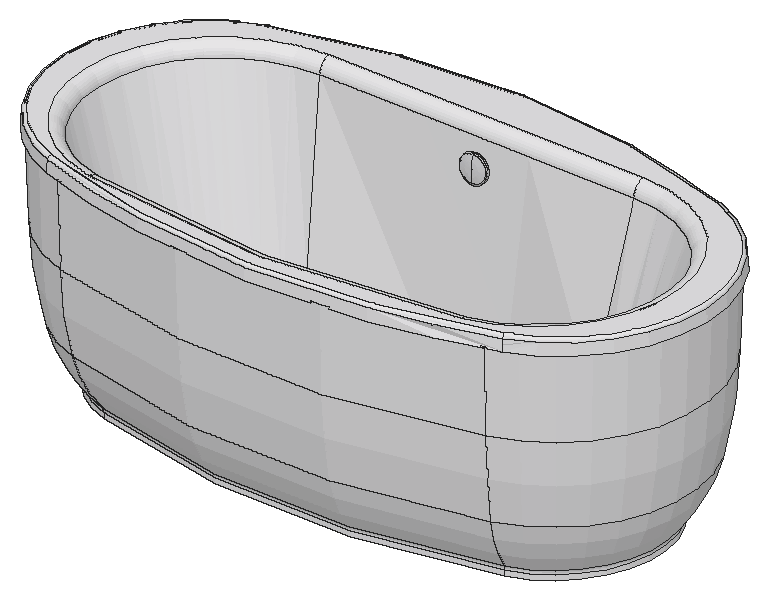
Revit family "Bath-Freestanding-KOHLER-Sunstruck-K-6369", category Plumbing Fixtures, host Face, Revit 2015
Parameters (values of type "0-White")
  Width = 35 1/2"  # constant formula
  Waste Water Outlet = "Waste Water Outlet"  # constant formula
  Waste Connection = 1 = 1  # yes
  Vent Connection = 1 = 0  # no
  URL = "https://www.us.kohler.com/us/"
  Type = 1
  Product Page URL = "http://www.us.kohler.com/us/catalog/productDetails.jsp?productNumber=6369"
  Product Name = "Sunstruck"  # constant formula
  Product Documentation Link = "http://www.us.kohler.com/onlinecatalog/pdf/K-6369_spec.pdf"
  Model = if(Type = 1, "K-6369-0", if(Type = 2, "K-6369-96", "NA"))  # "K-6369-0"
  Material = "Acrylic"  # constant formula
  MasterFormat 2004 = "22.41.19"  # constant formula
  MasterFormat 1995 = "15410"  # constant formula
  Manufacturer Address = "444 Highland Dr, Kohler, WI 53044"  # constant formula
  Manufacturer = "KOHLER Co."  # constant formula
  Length = 65 1/2"  # constant formula
  Hot Water Inlet = "Hot Water Inlet"  # constant formula
  Height = 24 1/2"  # constant formula
  HW Connection = 1 = 0  # no
  Finish = Kohler-Acrylic-0-White
  Environmental Product Declaration = ""
  Drain Included = 1 = 0  # no
  Description = "66inch x 36inch oval freestanding bath with fluted shroud and center drain"  # constant formula
  Default Elevation = 0"
  Declare Label = ""
  Date Modified = "12/18/2018"  # constant formula
  Date Created = "12/18/2018"  # constant formula
  Copyright = "Copyright KOHLER Co."  # constant formula
  Contact Us = "https://www.us.kohler.com/us/static/contact.jsp"
  Cold Water Inlet = "Cold Water Inlet"  # constant formula
  CW Connection = 1 = 0  # no
  Assembly Code = "D2010500"
  ADA Compliant = 1 = 0  # no
Types (3): name | Type | Model | Finish
  (no name) | 1 | "K-6369-0" | Kohler-Acrylic-0-White
  0-White | 1 | "K-6369-0" | Kohler-Acrylic-0-White
  96-Biscuit | 2 | "K-6369-96" | Kohler-Acrylic-96-Biscuit
Reference planes (in)
  plane 1 "Center (Front/Back)": y = 0
  plane 2: z = 0
  plane 3 "Center (Left/Right)": x = 0
  plane 4: y = 17.75
  plane 5: y = -17.75
  plane 6: x = -32.75
  plane 7: x = 32.75
  plane 8: y = 11.6875
  plane 9: y = -1.75
  plane 10: z = 24.5
Dimensions and locks (in)
  "Length": plane 6 to plane 7
  "Width": plane 5 to plane 4
  plane 8 to plane 4 = 6 1/16"
  plane 9 to plane 4 = 19 1/2"
  "Height": plane 10 to plane 2
  aligned and locked: plane 2 to host face
  aligned and locked: level to host face
Automatic sketch dimensions
  host sketch curve to host sketch curve = 96"  (x2)
Nested families (in)
  nested 1: "K-6369" at (0, 0, 0), type "K-6369"
Connectors (in)
  piping at (0, -1.75, 2.16901), diameter 1.5, driven by "Waste Connection", driven by "Waste Water Outlet"
    settings: on nested 1, index 1, connector inside diameter 24", connector length 0", flow factor 0, pipe flow 0 GPM, pressure drop 0.00 psi, fitting loss kfactor 0, connector angle 0.00°, fixture units 0, engagement length 0", angle of deflection 0.00°, flow configuration 0, flow direction 2, fitting loss method 0, system type 16, joint type 0, gender type 0, connector reference index -1, connector utility 1, adjustable connector no, is connector primary yes, connector description "Waste Water Outlet"
Definition of nested family "K-6369"
  Parameters (values of type "K-6369")
    Material = none
    Drain material = none
  Reference planes (in)
    plane 1 "Center (Front/Back)": y = 0
    plane 2: z = 0
    plane 3 "Center (Left/Right)": x = 0
    plane 4: x = 32.75
    plane 5: z = 24.5
    plane 6 "A": x = -6.48092
    plane 7: z = 24.5
    plane 8: x = -32.75
    plane 9: y = 17.75
    plane 10: y = -17.75
    plane 11: y = 11.6875
    plane 12: y = -1.75
  Forms (in)
    Sweep 1, solid, material <- "Material", detail levels medium+fine
      path origin (0, -0.04277, 0) x (1, 0, 0) y (0, 1, 0)
        loop
          arc (21.72661, -14.69696) -> (32.60257, 0.04277) -> (21.72661, 14.78251) r 15.42605
          arc (21.72661, 14.78251) -> (-0.02801, 18.06389) -> (-21.78263, 14.78251) r 73.75415
          arc (-21.78263, 14.78251) -> (-32.6586, 0.04277) -> (-21.78263, -14.69696) r 15.42605
          arc (-21.78263, -14.69696) -> (-0.02801, -17.97834) -> (21.72661, -14.69696) r 73.75415
      profile origin (-0.02801, -18.02111, 0) x (0, -1, 0) y (0, 0, 1)
        loop
          line (-0.4345, 23.13802) -> (-0.93475, 23.13802) -> (-1.19445, 14.90118)
          arc (-1.19445, 14.90118) -> (-1.54469, 10.74957) -> (-2.32929, 6.65776) r 39.58955
          arc (-2.32929, 6.65776) -> (-3.33144, 3.94972) -> (-4.91176, 1.53304) r 12.87836
          arc (-4.91176, 1.53304) -> (-5.131, 1.14887) -> (-5.20709, 0.71314) r 1.28578
          line (-5.20709, 0.71314) -> (-5.20709, 0) -> (-4.88474, 0) -> (-4.88474, 0.51602)
          arc (-4.88474, 0.51602) -> (-4.83773, 0.77736) -> (-4.7026, 1.00595) r 0.75
          arc (-4.7026, 1.00595) -> (-2.9469, 3.60328) -> (-1.84387, 6.53789) r 13.37836
          arc (-1.84387, 6.53789) -> (-1.04936, 10.68138) -> (-0.6947, 14.88542) r 40.08955
          line (-0.6947, 14.88542) -> (-0.4345, 23.13802)
    Sweep 2, solid, material <- "Material", detail levels medium+fine
      path origin (0, -0.31152, 0) x (1, 0, 0) y (0, 1, 0)
        loop
          arc (-23.11404, -13.59407) -> (0, -17.43849) -> (23.11404, -13.59407) r 71.40724
          arc (23.11404, -13.59407) -> (32.75, 0.31152) -> (23.11404, 14.21712) r 14.85153
          arc (23.11404, 14.21712) -> (0, 18.06154) -> (-23.11404, 14.21712) r 71.40724
          arc (-23.11404, 14.21712) -> (-32.75, 0.31152) -> (-23.11404, -13.59407) r 14.85153
      profile origin (0, -17.75002, 0) x (0, 1, 0) y (0, 0, 1)
        loop
          line (0.00002, 23.01054) -> (0.11383, 23.01054) -> (0.2108, 24.11893)
          arc (0.2108, 24.11893) -> (0.29095, 24.28146) -> (0.45985, 24.34714) r 0.25
          line (0.45985, 24.34714) -> (0.61532, 24.34714) -> (0.61532, 24.5) -> (0.45098, 24.5)
          arc (0.45098, 24.5) -> (0.21457, 24.40807) -> (0.10238, 24.18057) r 0.34993
          line (0.10238, 24.18057) -> (0.00002, 23.01054)
    Sweep 3, solid, material <- "Material", detail levels medium+fine
      path origin (-0.65125, 0.37045, 0) x (1, 0, 0) y (0, 1, 0)
        loop
          arc (-13.80583, -12.20259) -> (0.30466, -13.64071) -> (14.40809, -12.13485) r 68.33389
          arc (14.40809, -12.13485) -> (22.61849, -2.05633) -> (14.545, 8.13219) r 10.37734
          arc (14.545, 8.13219) -> (0.24308, 9.71884) -> (-14.04948, 8.05002) r 63.60432
          arc (-14.04948, 8.05002) -> (-22.05987, -2.17412) -> (-13.80583, -12.20259) r 10.37154
      profile origin (-0.34659, -13.27026, 0) x (-0.002401, 0.999997, 0) y (0, 0, 1)
        loop
          line (-0.24, 6.51001) -> (-0.57074, 6.51001)
          arc (-0.57074, 6.51001) -> (0.5314, 4.46811) -> (2.71442, 3.68166) r 3.25
          line (2.71442, 3.68166) -> (3.01867, 3.68166) -> (3.01867, 4.03096) -> (2.71442, 4.03096)
          arc (2.71442, 4.03096) -> (0.78606, 4.73282) -> (-0.24, 6.51001) r 3
    Revolve 4, solid, material <- "Drain material", detail levels medium+fine
      sketch origin (0, -1.53027, -0.00106) x (0, 1, 0) y (0, 0, 1)
        loop
          line (13.43649, 20.42625) -> (12.55971, 20.48756)
          arc (12.55971, 20.48756) -> (12.54804, 19.82068) -> (12.6107, 19.15665) r 5.98011
          arc (12.6107, 19.15665) -> (12.6367, 19.1057) -> (12.68808, 19.08057) r 0.09037
          line (12.68808, 19.08057) -> (13.2483, 19.00565) -> (13.25711, 19.11625)
          arc (13.25711, 19.11625) -> (13.26951, 19.14061) -> (13.2958, 19.14811) r 0.03422
          line (13.2958, 19.14811) -> (13.34664, 19.14131) -> (13.43649, 20.42625)
        axis (12.55971, 20.48756) -> (13.43649, 20.42625)
      angle from 0 to 360
    Revolve 5, solid, material <- "Material", detail levels medium+fine
      sketch origin (0, 0, 0.0625) x (0, 1, 0) y (0, 0, 1)
        loop
          line (-1.75, 3.61916) -> (-1.75, 2.10651) -> (-1, 2.10651) -> (-1, 1.93586) -> (-0.80456, 1.93586) -> (-0.80456, 3.18586) -> (-0.44439, 3.18586)
          arc (-0.44439, 3.18586) -> (-0.27573, 3.2194) -> (-0.13275, 3.31494) r 0.44072
          line (-0.13275, 3.31494) -> (0.09371, 3.5414)
          arc (0.09371, 3.5414) -> (0.17783, 3.59812) -> (0.27708, 3.61916) r 0.2656
          line (0.27708, 3.61916) -> (-1.75, 3.61916)
        axis (-1.75, 3.61916) -> (-1.75, 1.93586)
      angle from 0 to 360
    Sweep 6, solid, material <- "Material", detail levels medium+fine
      path origin (0, 0, 0) x (1, 0, 0) y (0, 1, 0)
        loop
          arc (-15.91994, 11.6875) -> (-28.29768, 0.47984) -> (-18.37017, -12.94642) r 12.43882
          arc (-18.37017, -12.94642) -> (0.12996, -14.68833) -> (18.58936, -12.55759) r 89.15619
          arc (18.58936, -12.55759) -> (28.11574, 0.76078) -> (15.91994, 11.6875) r 12.2695
          line (15.91994, 11.6875) -> (-15.91994, 11.6875)
      profile origin (0, 11.6875, 0) x (0, 1, 0) y (0, 0, 1)
        loop
          line (0.003, 23.24357) -> (0.33352, 23.24357)
          arc (0.33352, 23.24357) -> (0.68246, 24.02627) -> (1.47708, 24.34717) r 1.14428
          line (1.47708, 24.34717) -> (1.56336, 24.34717) -> (1.56336, 24.5) -> (1.27278, 24.5)
          arc (1.27278, 24.5) -> (0.37961, 24.1328) -> (0.003, 23.24357) r 1.26985
    Revolve 7, solid, material <- "Drain material", detail levels medium+fine
      sketch origin (0, 0, 0) x (0, 1, 0) y (0, 0, 1)
        loop
          line (-1.75, 4.26235) -> (-1.75, 3.6439) -> (-0.38603, 3.6439) -> (0.06408, 4.04918)
          arc (0.06408, 4.04918) -> (0.07462, 4.09307) -> (0.03742, 4.11864) r 0.03984
          line (0.03742, 4.11864) -> (-0.18329, 4.11864)
          arc (-0.18329, 4.11864) -> (-0.24703, 4.10596) -> (-0.30106, 4.06985) r 0.16655
          line (-0.30106, 4.06985) -> (-0.40243, 3.96848)
          arc (-0.40243, 3.96848) -> (-0.45783, 3.93146) -> (-0.52319, 3.91846) r 0.17077
          line (-0.52319, 3.91846) -> (-1.20094, 3.91846) -> (-1.20094, 4.0675) -> (-0.40256, 4.0675)
          arc (-0.40256, 4.0675) -> (-0.37983, 4.07691) -> (-0.37042, 4.09963) r 0.03214
          line (-0.37042, 4.09963) -> (-0.37042, 4.14469)
          arc (-0.37042, 4.14469) -> (-0.37787, 4.16436) -> (-0.39647, 4.17416) r 0.02969
          arc (-0.39647, 4.17416) -> (-1.07196, 4.23785) -> (-1.75, 4.26235) r 11.72048
        axis (-1.75, 4.26235) -> (-1.75, 3.6439)
      angle from 0 to 360
    Extrusion 8, solid, material <- "Material", detail levels medium+fine
      sketch origin (0, 0, 0) x (1, 0, 0) y (0, 1, 0)
        loop
          arc (-22.9063, 13.32634) -> (-32.13468, 0) -> (-22.9063, -13.32634) r 14.23621
          arc (-22.9063, -13.32634) -> (0, -17.1347) -> (22.9063, -13.32634) r 70.79193
          arc (22.9063, -13.32634) -> (32.13468, 0) -> (22.9063, 13.32634) r 14.23621
          arc (22.9063, 13.32634) -> (0, 17.1347) -> (-22.9063, 13.32634) r 70.79193
        loop
          line (15.91994, 13.25086) -> (-15.91994, 13.25086)
          arc (-15.91994, 13.25086) -> (-29.85336, 0.63458) -> (-18.67813, -14.47915) r 14.00218
          arc (-18.67813, -14.47915) -> (0.14641, -16.2516) -> (18.9295, -14.0835) r 90.71954
          arc (18.9295, -14.0835) -> (29.66971, 0.93187) -> (15.91994, 13.25086) r 13.83286
      from 24.34714 to 24.5
    Blend 9, solid, material <- "Material", detail levels medium+fine
      base sketch origin (0, 0, 0) x (1, 0, 0) y (0, 1, 0)
        loop
          arc (-14.57357, -12.39087) -> (-0.34522, -13.841) -> (13.876, -12.32256) r 68.90463
          arc (13.876, -12.32256) -> (22.53797, -1.68973) -> (14.02044, 9.05914) r 10.94807
          arc (14.02044, 9.05914) -> (-0.40981, 10.66002) -> (-14.83062, 8.97623) r 64.17506
          arc (-14.83062, 8.97623) -> (-23.28182, -1.81054) -> (-14.57357, -12.39087) r 10.94228
      top sketch origin (0, 0, 0) x (1, 0, 0) y (0, 1, 0)
        loop
          arc (18.66192, -12.88312) -> (28.44726, 0.79728) -> (15.91994, 12.02102) r 12.60302
          line (15.91994, 12.02102) -> (-15.91994, 12.02102)
          arc (-15.91994, 12.02102) -> (-28.62956, 0.51285) -> (-18.43587, -13.27341) r 12.77234
          arc (-18.43587, -13.27341) -> (0.13347, -15.02183) -> (18.66192, -12.88312) r 89.48971
      from 6.51001 to 23.24357
    Blend 10, void
      base sketch origin (0, 0, 0) x (1, 0, 0) y (0, 1, 0)
        loop
          arc (13.80695, -11.99911) -> (22.20724, -1.6875) -> (13.94702, 8.73666) r 10.61734
          arc (13.94702, 8.73666) -> (-0.40886, 10.32929) -> (-14.75535, 8.65417) r 63.84432
          arc (-14.75535, 8.65417) -> (-22.9511, -1.80656) -> (-14.50607, -12.06709) r 10.61154
          arc (-14.50607, -12.06709) -> (-0.34601, -13.51026) -> (13.80695, -11.99911) r 68.5739
      top sketch origin (0, 0, 0) x (1, 0, 0) y (0, 1, 0)
        loop
          arc (-15.91994, 11.6905) -> (-28.30066, 0.48014) -> (-18.37077, -12.94936) r 12.44182
          arc (-18.37077, -12.94936) -> (0.13, -14.69133) -> (18.59001, -12.56052) r 89.15918
          arc (18.59001, -12.56052) -> (28.11872, 0.7611) -> (15.91994, 11.6905) r 12.2725
          line (15.91994, 11.6905) -> (-15.91994, 11.6905)
      from 6.51001 to 23.24357
    Extrusion 11, solid, material <- "Material", detail levels medium+fine
      sketch origin (0, 0, 0) x (1, 0, 0) y (0, 1, 0)
        loop
          arc (-14.01373, 5.48102) -> (-19.69267, -1.76736) -> (-13.841, -8.87701) r 7.35287
          arc (-13.841, -8.87701) -> (-0.35384, -10.2516) -> (13.12657, -8.81227) r 65.31523
          arc (13.12657, -8.81227) -> (18.94865, -1.66549) -> (13.22365, 5.55929) r 7.35867
          arc (13.22365, 5.55929) -> (-0.3995, 7.07063) -> (-14.01373, 5.48102) r 60.58565
      from 3.68166 to 4.03096
    Revolve 12, void
      sketch origin (0, 0, 0) x (0, 1, 0) y (0, 0, 1)
        loop
          line (-1.75, 3.59695) -> (-0.44323, 3.59695)
          arc (-0.44323, 3.59695) -> (-0.37132, 3.61126) -> (-0.31035, 3.65199) r 0.18792
          line (-0.31035, 3.65199) -> (-0.1023, 3.86005)
          arc (-0.1023, 3.86005) -> (0.08701, 3.98654) -> (0.31031, 4.03096) r 0.58351
          line (0.31031, 4.03096) -> (-1.75, 4.03096) -> (-1.75, 3.59695)
        axis (-1.75, 3.59695) -> (-1.75, 4.03096)
      angle from 0 to 360
    Extrusion 13, solid, material <- "Material", detail levels medium+fine
      sketch origin (0, 0, 0) x (1, 0, 0) y (0, 1, 0)
        loop
          line (1.90491, -7.35311) -> (1.90491, 4.84189) -> (3.58491, 6.52189) -> (8.15491, 6.52189)
          arc (8.15491, 6.52189) -> (10.02991, 8.39689) -> (8.15491, 10.27189) r 1.875
          line (8.15491, 10.27189) -> (1.90491, 10.27189) -> (1.90491, 10.55317)
          arc (1.90491, 10.55317) -> (0, 12.45809) -> (-1.90491, 10.55317) r 1.90491
          line (-1.90491, 10.55317) -> (-1.90491, 10.27189) -> (-8.15491, 10.27189)
          arc (-8.15491, 10.27189) -> (-10.02991, 8.39689) -> (-8.15491, 6.52189) r 1.875
          line (-8.15491, 6.52189) -> (-3.58491, 6.52189) -> (-1.90491, 4.84189) -> (-1.90491, -7.35311)
          arc (-1.90491, -7.35311) -> (0, -9.25802) -> (1.90491, -7.35311) r 1.90491
        loop
          arc (20.19072, -9.76431) -> (27.39549, 0) -> (20.19072, 9.76431) r 10.21896
          arc (20.19072, 9.76431) -> (-0.02801, 12.81403) -> (-20.24675, 9.76431) r 68.54706
          arc (-20.24675, 9.76431) -> (-27.45151, 0) -> (-20.24675, -9.76431) r 10.21896
          arc (-20.24675, -9.76431) -> (-0.02801, -12.81403) -> (20.19072, -9.76431) r 68.54706
      from 0 to 0.2482
    Extrusion 14, solid, material <- "Material", detail levels coarse
      sketch origin (0, 0, 0) x (1, 0, 0) y (0, 1, 0)
        loop
          arc (23.11404, 13.9056) -> (0, 17.75002) -> (-23.11404, 13.9056) r 71.40724
          arc (-23.11404, 13.9056) -> (-32.75, 0) -> (-23.11404, -13.9056) r 14.85153
          arc (-23.11404, -13.9056) -> (0, -17.75002) -> (23.11404, -13.9056) r 71.40724
          arc (23.11404, -13.9056) -> (32.75, 0) -> (23.11404, 13.9056) r 14.85153
      from 0 to 24.5
    Blend 15, void
      base sketch origin (0, 0, 0) x (1, 0, 0) y (0, 1, 0)
        loop
          arc (-14.50607, -12.06709) -> (-0.34601, -13.51026) -> (13.80695, -11.99911) r 68.5739
          arc (13.80695, -11.99911) -> (22.20724, -1.6875) -> (13.94702, 8.73666) r 10.61734
          arc (13.94702, 8.73666) -> (-0.40886, 10.32929) -> (-14.75535, 8.65417) r 63.84432
          arc (-14.75535, 8.65417) -> (-22.9511, -1.80656) -> (-14.50607, -12.06709) r 10.61154
      top sketch origin (0, 0, 0) x (1, 0, 0) y (0, 1, 0)
        loop
          arc (-18.37077, -12.94936) -> (0.13, -14.69133) -> (18.59001, -12.56052) r 89.15918
          arc (18.59001, -12.56052) -> (28.11872, 0.7611) -> (15.91994, 11.6905) r 12.2725
          line (15.91994, 11.6905) -> (-15.91994, 11.6905)
          arc (-15.91994, 11.6905) -> (-28.30066, 0.48014) -> (-18.37077, -12.94936) r 12.44182
      from 3.6439 to 24.5
  Cuts and joins
    joined: Revolve 4, Revolve 7
    Revolve 12 cuts Revolve 5
    Blend 10 cuts Blend 9
    Revolve 12 cuts Extrusion 11
    joined: Sweep 2, Sweep 3, Revolve 5, Sweep 6, Extrusion 8, Blend 9, Extrusion 11
    Blend 15 cuts Extrusion 14
    joined: Sweep 1, Extrusion 13
  Lines and regions (in)
    Masking region 1
      outline origin (0, 0, 0) x (1, 0, 0) y (0, 0, 1)
        loop
          arc (-32.29809, 24.5) -> (-32.53519, 24.4078) -> (-32.6477, 24.17964) r 0.35095
          line (-32.6477, 24.17964) -> (-32.74998, 23.01054) -> (-32.22183, 23.01054) -> (-31.95938, 14.68859)
          arc (-31.95938, 14.68859) -> (-31.87816, 13.17334) -> (-31.73033, 11.66313) r 34.46297
          arc (-31.73033, 11.66313) -> (-31.3294, 8.98638) -> (-30.77354, 6.33746) r 46.54007
          arc (-30.77354, 6.33746) -> (-29.72872, 3.56777) -> (-28.03212, 1.14201) r 11.89048
          arc (-28.03212, 1.14201) -> (-27.84065, 0.83067) -> (-27.77386, 0.47132) r 1
          line (-27.77386, 0.47132) -> (-27.77386, 0) -> (27.77386, 0) -> (27.77386, 0.47132)
          arc (27.77386, 0.47132) -> (27.84065, 0.83067) -> (28.03212, 1.14201) r 1
          arc (28.03212, 1.14201) -> (29.72872, 3.56777) -> (30.77354, 6.33746) r 11.89048
          arc (30.77354, 6.33746) -> (31.3294, 8.98638) -> (31.73033, 11.66313) r 46.54007
          arc (31.73033, 11.66313) -> (31.87816, 13.17334) -> (31.95938, 14.68859) r 34.46297
          line (31.95938, 14.68859) -> (32.22183, 23.01054) -> (32.74998, 23.01054) -> (32.6477, 24.17964)
          arc (32.6477, 24.17964) -> (32.53519, 24.4078) -> (32.29809, 24.5) r 0.35095
          line (32.29809, 24.5) -> (-32.29809, 24.5)
    Masking region 2
      outline origin (0, -0.32863, 0) x (0, 1, 0) y (0, 0, 1)
        loop
          line (17.62673, 24.5) -> (-16.96948, 24.5)
          arc (-16.96948, 24.5) -> (-17.20658, 24.4078) -> (-17.31909, 24.17964) r 0.35095
          line (-17.31909, 24.17964) -> (-17.42137, 23.01054) -> (-17.2526, 23.01054) -> (-16.96993, 14.04774)
          arc (-16.96993, 14.04774) -> (-16.52403, 9.61633) -> (-15.47486, 5.28788) r 32.4127
          arc (-15.47486, 5.28788) -> (-14.48668, 3.05092) -> (-13.03645, 1.08183) r 11.19792
          arc (-13.03645, 1.08183) -> (-12.86695, 0.81036) -> (-12.80775, 0.49585) r 0.86506
          line (-12.80775, 0.49585) -> (-12.80775, 0) -> (13.465, 0) -> (13.465, 0.49585)
          arc (13.465, 0.49585) -> (13.5242, 0.81036) -> (13.6937, 1.08183) r 0.86506
          arc (13.6937, 1.08183) -> (15.14393, 3.05092) -> (16.13211, 5.28788) r 11.19792
          arc (16.13211, 5.28788) -> (17.18128, 9.61633) -> (17.62718, 14.04774) r 32.4127
          line (17.62718, 14.04774) -> (17.90985, 23.01054) -> (18.07863, 23.01054) -> (17.97634, 24.17964)
          arc (17.97634, 24.17964) -> (17.86383, 24.4078) -> (17.62673, 24.5) r 0.35095
    Masking region 3
      outline origin (0, 0, 0) x (1, 0, 0) y (0, 1, 0)
        loop
          arc (-23.11404, -13.9056) -> (0, -17.75002) -> (23.11404, -13.9056) r 71.40724
          arc (23.11404, -13.9056) -> (32.75, 0) -> (23.11404, 13.9056) r 14.85153
          arc (23.11404, 13.9056) -> (0, 17.75002) -> (-23.11404, 13.9056) r 71.40724
          arc (-23.11404, 13.9056) -> (-32.75, 0) -> (-23.11404, -13.9056) r 14.85153
    symbolic lines, detail levels medium+fine
      curve 1: line (-32.22183, 0, 23.01054) -> (32.22183, 0, 23.01054)
      curve 2: line (-27.77696, 0, 0.55003) -> (27.77696, 0, 0.55003)
      curve 3: line (0, 17.58122, 23.01054) -> (0, -17.58122, 23.01054)
      curve 4: line (0, 13.13638, 0.55003) -> (0, -13.13807, 0.55003)
      curve 5: arc (-18.37077, -12.94936, 0) -> (-28.30066, 0.48014, 0) -> (-15.91994, 11.6905, 0) r 12.44182
      curve 6: arc (18.59001, -12.56052, 0) -> (0.13, -14.69133, 0) -> (-18.37077, -12.94936, 0) r 89.15918
      curve 7: arc (15.91994, 11.6905, 0) -> (28.11872, 0.7611, 0) -> (18.59001, -12.56052, 0) r 12.2725
      curve 8: line (-15.91994, 11.6905, 0) -> (15.91994, 11.6905, 0)
      curve 9: arc (-14.75535, 8.65417, 0) -> (-0.40886, 10.32929, 0) -> (13.94702, 8.73666, 0) r 63.84432
      curve 10: arc (-14.50607, -12.06709, 0) -> (-22.9511, -1.80656, 0) -> (-14.75535, 8.65417, 0) r 10.61154
      curve 11: arc (13.80695, -11.99911, 0) -> (-0.34601, -13.51026, 0) -> (-14.50607, -12.06709, 0) r 68.5739
      curve 12: arc (13.94702, 8.73666, 0) -> (22.20724, -1.6875, 0) -> (13.80695, -11.99911, 0) r 10.61734
      curve 13: circle (0, -1.75, 0) r 2.02708 normal (0, 0, -1)
      curve 14: circle (0, -1.75, 0) r 1.36397 normal (0, 0, -1)
      curve 15: spline (1.41532, 11.58219, 0) -> (1.32696, 11.60503, 0) -> (1.164, 11.62577, 0) -> (0.93559, 11.64326, 0) -> (0.65457, 11.6565, 0) -> (0.33675, 11.66476, 0) -> (0, 11.66757, 0) -> (-0.33675, 11.66476, 0) -> (-0.65457, 11.6565, 0) -> (-0.93559, 11.64326, 0) -> (-1.164, 11.62577, 0) -> (-1.32696, 11.60503, 0) -> (-1.41532, 11.58219, 0)
      curve 16: line (-1.41532, 11.58219, 0) -> (-1.3947, 11.25732, 0)
      curve 17: arc (-1.30786, 11.15618, 0) -> (0, 11.01489, 0) -> (1.30786, 11.15618, 0) r 6.12378
      curve 18: arc (-1.3947, 11.25732, 0) -> (-1.36821, 11.19222, 0) -> (-1.30786, 11.15618, 0) r 0.11071
      curve 19: line (1.41532, 11.58219, 0) -> (1.3947, 11.25732, 0)
      curve 20: arc (1.3947, 11.25732, 0) -> (1.36821, 11.19222, 0) -> (1.30786, 11.15618, 0) r 0.11071
  Dimensions and locks (in)
    plane 5 to level = 24 1/2"
    plane 7 to level = 24 1/2"
    equal spacing: plane 8, plane 3 "Center (Left/Right)", plane 4
    locked: plane 8 to plane 4 at 65.5
    locked: plane 10 to plane 9 at 35.5
    equal spacing: plane 9, plane 1 "Center (Front/Back)", plane 10
    locked: plane 9 to plane 11 at 6.0625
    plane 9 to plane 12 = 19 1/2"
    aligned and locked: plane 2 to level
  Automatic sketch dimensions
    curve 13 to curve 14 = 0"  (x2)
    curve 17 to plane 3 "Center (Left/Right)" = 0"
    curve 13 to plane 3 "Center (Left/Right)" = 0"
    curve 15 to plane 3 "Center (Left/Right)" = 0"
    plane 6 "A" to curve 10 = 5.85941"
    plane 1 "Center (Front/Back)" to curve 5 = 0.75132"
    curve 5 to curve 10 = 3.57961"
    curve 16 to plane 11 = 0.10531"
    curve 16 to plane 3 "Center (Left/Right)" = 1.41532"
    curve 16 to plane 11 = 0.43018"
    curve 15 to curve 16 = 0.02062"
    curve 16 to curve 18 = 0.11048"
    curve 6 to plane 3 "Center (Left/Right)" = 0.80795"
    curve 11 to plane 3 "Center (Left/Right)" = 0.51065"
    curve 9 to plane 3 "Center (Left/Right)" = 0.22538"
    curve 20 to plane 11 = 0.42317"
    plane 3 "Center (Left/Right)" to curve 20 = 1.28421"
    curve 19 to plane 11 = 0.43018"
    curve 20 to curve 19 = 0.11048"
    curve 19 to plane 11 = 0.10531"
    plane 1 "Center (Front/Back)" to curve 7 = 0.582"
    curve 12 to curve 7 = 4.3298"
    plane 10 to curve 9 = 35.76477"
    curve 16 to curve 18 = 0.00701"
    plane 11 to curve 8 = 0.003"
    curve 17 to plane 9 = 0.61132"
    plane 9 to curve 11 = 37.31344"
    curve 11 to curve 6 = 19.39949"
    curve 5 to curve 10 = 3.8647"
    curve 11 to curve 10 = 0"
    curve 9 to curve 10 = 0"
    curve 6 to curve 5 = 0"
    curve 15 to curve 15 = 0.01495"
    curve 17 to curve 18 = 0"
    curve 12 to curve 11 = 0"
    curve 15 to plane 11 = 0.1197"
    plane 1 "Center (Front/Back)" to Sweep 1 sketch curve = 0"  (x2)
    plane 6 "A" to Sweep 1 sketch curve = 10.75162"
    Sweep 1 sketch curve to plane 3 "Center (Left/Right)" = 0.02801"  (x2)
    plane 10 to Sweep 1 sketch curve = 37.98303"
    plane 9 to Sweep 1 sketch curve = 37.98303"
    Sweep 1 sketch curve to plane 9 = 3.01027"
    Sweep 1 sketch curve to Sweep 1 sketch curve = 0"  (x9)
    plane 1 "Center (Front/Back)" to Sweep 2 sketch curve = 0"  (x2)
    Sweep 2 sketch curve to plane 3 "Center (Left/Right)" = 0"  (x2)
    plane 6 "A" to Sweep 2 sketch curve = 11.41755"
    plane 10 to Sweep 2 sketch curve = 35.90723"
    plane 9 to Sweep 2 sketch curve = 35.90723"
    plane 11 to Sweep 2 sketch curve = 2.2181"
    plane 8 to Sweep 2 sketch curve = 9.63596"
    Sweep 2 sketch curve to plane 10 = 3.8444"  (x2)
    Sweep 2 sketch curve to profile plane = 0"
    Sweep 2 sketch curve to profile plane = 0.10238"
    Sweep 2 sketch curve to Sweep 2 sketch curve = 0.11381"
    Sweep 2 sketch curve to Sweep 2 sketch curve = 0.10842"
    Sweep 2 sketch curve to Sweep 2 sketch curve = 0.24018"
    Sweep 2 sketch curve to Sweep 2 sketch curve = 0.00887"
    Sweep 2 sketch curve to Sweep 2 sketch curve = 0.16433"
    level to Sweep 2 sketch curve = 23.01054"
    Sweep 2 sketch curve to Sweep 2 sketch curve = 1.0866"
    Sweep 2 sketch curve to Sweep 2 sketch curve = 0.02179"
    Sweep 2 sketch curve to Sweep 2 sketch curve = 0.05293"
    Sweep 2 sketch curve to Sweep 2 sketch curve = 0.06164"
    plane 6 "A" to Sweep 3 sketch curve = 5.85941"
    Sweep 3 sketch curve to plane 3 "Center (Left/Right)" = 0.51065"
    Sweep 3 sketch curve to plane 3 "Center (Left/Right)" = 0.22538"
    plane 10 to Sweep 3 sketch curve = 35.76477"
    plane 9 to Sweep 3 sketch curve = 37.31344"
    Sweep 3 sketch curve to plane 10 = 5.91786"
    Sweep 3 sketch curve to Sweep 3 sketch curve = 0"  (x4)
    profile plane to Sweep 3 sketch curve = 0.57074"
    profile plane to Sweep 3 sketch curve = 0.24"
    Sweep 3 sketch curve to profile plane = 2.65187"
    Sweep 3 sketch curve to Sweep 3 sketch curve = 0.06255"
    Sweep 3 sketch curve to Sweep 3 sketch curve = 0.30425"
    level to Sweep 3 sketch curve = 3.68166"
    Sweep 3 sketch curve to Sweep 3 sketch curve = 0.3493"
    Sweep 3 sketch curve to Sweep 3 sketch curve = 2.47906"
    Revolve 4 sketch curve to plane 11 = 0.65806"
    Revolve 4 sketch curve to plane 11 = 0.52969"
    Revolve 4 sketch curve to Revolve 4 sketch curve = 0.01198"
    plane 11 to Revolve 4 sketch curve = 0.03053"
    plane 11 to Revolve 4 sketch curve = 0.03934"
    Revolve 4 sketch curve to Revolve 4 sketch curve = 0.03416"
    Revolve 4 sketch curve to Revolve 4 sketch curve = 0.00454"
    Revolve 4 sketch curve to Revolve 4 sketch curve = 0.05083"
    plane 11 to Revolve 4 sketch curve = 0.21872"
    Revolve 4 sketch curve to plane 9 = 0.75651"
    Revolve 4 sketch curve to plane 7 = 5.49541"
    Revolve 4 sketch curve to Revolve 4 sketch curve = 0.07492"
    Revolve 4 sketch curve to Revolve 4 sketch curve = 0.10854"
    Revolve 4 sketch curve to Revolve 4 sketch curve = 0.00206"
    Revolve 4 sketch curve to Revolve 4 sketch curve = 0.0068"
    Revolve 4 sketch curve to Revolve 4 sketch curve = 0.08957"
    Revolve 4 sketch curve to plane 7 = 4.45147"
    Revolve 4 sketch curve to Revolve 4 sketch curve = 1.27814"
    Revolve 4 sketch curve to Revolve 4 sketch curve = 0.00318"
    Revolve 4 sketch curve to Revolve 4 sketch curve = 0.12397"
    Revolve 4 sketch curve to Revolve 4 sketch curve = 0.00867"
    Revolve 4 sketch curve to Revolve 4 sketch curve = 0.00022"
    plane 1 "Center (Front/Back)" to Revolve 5 sketch curve = 0.80456"
    plane 1 "Center (Front/Back)" to Revolve 5 sketch curve = 0.44439"
    plane 1 "Center (Front/Back)" to Revolve 5 sketch curve = 0.13275"
    Revolve 5 sketch curve to plane 1 "Center (Front/Back)" = 0.09371"
    Revolve 5 sketch curve to Revolve 5 sketch curve = 0.18338"
    Revolve 5 sketch curve to Revolve 5 sketch curve = 0.00443"
    level to Revolve 5 sketch curve = 1.99836"
    Revolve 5 sketch curve to Revolve 5 sketch curve = 0.17066"
    Revolve 5 sketch curve to Revolve 5 sketch curve = 1.07934"
    Revolve 5 sketch curve to Revolve 5 sketch curve = 0.12909"
    Revolve 5 sketch curve to Revolve 5 sketch curve = 0.03866"
    Revolve 5 sketch curve to Revolve 5 sketch curve = 0.18781"
    Revolve 5 sketch curve to Revolve 5 sketch curve = 0.3304"
    Revolve 5 sketch curve to Revolve 5 sketch curve = 0.4196"
    Sweep 6 sketch curve to plane 11 = 0"
    plane 6 "A" to Sweep 6 sketch curve = 9.43902"
    Sweep 6 sketch curve to plane 3 "Center (Left/Right)" = 0.80795"
    plane 1 "Center (Front/Back)" to Sweep 6 sketch curve = 0.582"
    plane 1 "Center (Front/Back)" to Sweep 6 sketch curve = 0.75132"
    plane 9 to Sweep 6 sketch curve = 56.71292"
    Sweep 6 sketch curve to Sweep 6 sketch curve = 0"
    Sweep 6 sketch curve to profile plane = 0.003"
    Sweep 6 sketch curve to Sweep 6 sketch curve = 0.33052"
    Sweep 6 sketch curve to profile plane = 1.27278"
    Sweep 6 sketch curve to Sweep 6 sketch curve = 0.2043"
    Sweep 6 sketch curve to Sweep 6 sketch curve = 0.08628"
    level to Sweep 6 sketch curve = 23.20288"
    Sweep 6 sketch curve to Sweep 6 sketch curve = 0.02726"
    Sweep 6 sketch curve to Sweep 6 sketch curve = 0.01342"
    plane 1 "Center (Front/Back)" to Revolve 7 sketch curve = 0.52319"
    Revolve 7 sketch curve to Revolve 7 sketch curve = 0.12063"
    Revolve 7 sketch curve to Revolve 7 sketch curve = 0.00013"
    Revolve 7 sketch curve to Revolve 7 sketch curve = 0.00244"
    Revolve 7 sketch curve to Revolve 7 sketch curve = 0.13715"
    Revolve 7 sketch curve to Revolve 7 sketch curve = 0.03214"
    Revolve 7 sketch curve to Revolve 7 sketch curve = 0.06936"
    plane 1 "Center (Front/Back)" to Revolve 7 sketch curve = 0.18329"
    Revolve 7 sketch curve to plane 1 "Center (Front/Back)" = 0.03742"
    Revolve 7 sketch curve to Revolve 7 sketch curve = 0.02666"
    Revolve 7 sketch curve to level = 7.45782"
    level to Revolve 7 sketch curve = 3.6439"
    Revolve 7 sketch curve to Revolve 7 sketch curve = 0.27457"
    Revolve 7 sketch curve to Revolve 7 sketch curve = 0.03362"
    Revolve 7 sketch curve to Revolve 7 sketch curve = 0.05002"
    Revolve 7 sketch curve to Revolve 7 sketch curve = 0.0971"
    Revolve 7 sketch curve to Revolve 7 sketch curve = 0.14903"
    Revolve 7 sketch curve to Revolve 7 sketch curve = 0.02978"
    Revolve 7 sketch curve to Revolve 7 sketch curve = 0.04506"
    Revolve 7 sketch curve to Revolve 7 sketch curve = 0.19485"
    Revolve 7 sketch curve to Revolve 7 sketch curve = 0.23445"
    Revolve 7 sketch curve to Revolve 7 sketch curve = 0"  (x2)
    plane 1 "Center (Front/Back)" to Extrusion 8 sketch curve = 0"  (x2)
    Extrusion 8 sketch curve to plane 3 "Center (Left/Right)" = 0"  (x2)
    Extrusion 8 sketch curve to plane 3 "Center (Left/Right)" = 0.80795"
    plane 1 "Center (Front/Back)" to Extrusion 8 sketch curve = 0.75132"
    plane 6 "A" to Extrusion 8 sketch curve = 9.43902"
    Extrusion 8 sketch curve to Extrusion 8 sketch curve = 1.97853"  (x2)
    plane 11 to Extrusion 8 sketch curve = 1.56336"
    plane 10 to Extrusion 8 sketch curve = 35.90723"
    plane 1 "Center (Front/Back)" to Extrusion 8 sketch curve = 0.582"
    plane 9 to Extrusion 8 sketch curve = 35.90723"
    Extrusion 8 sketch curve to Extrusion 8 sketch curve = 20.8057"
    Extrusion 8 sketch curve to Extrusion 8 sketch curve = 0"
    plane 11 to Extrusion 8 sketch curve = 1.63884"  (x2)
    Extrusion 8 sketch curve to Extrusion 8 sketch curve = 6.98635"  (x2)
    Extrusion 8 sketch curve to Extrusion 8 sketch curve = 4.22817"
    plane 6 "A" to Blend 9 sketch curve = 5.85941"
    Blend 9 sketch curve to plane 3 "Center (Left/Right)" = 0.51065"
    Blend 9 sketch curve to plane 3 "Center (Left/Right)" = 0.22538"
    plane 10 to Blend 9 sketch curve = 35.76477"
    plane 9 to Blend 9 sketch curve = 37.31344"
    Blend 9 sketch curve to plane 10 = 5.35913"
    Blend 9 sketch curve to Blend 9 sketch curve = 0"  (x4)
    plane 1 "Center (Front/Back)" to Blend 9 sketch curve = 0.75132"
    plane 6 "A" to Blend 9 sketch curve = 9.43902"
    Blend 9 sketch curve to plane 3 "Center (Left/Right)" = 0.80795"
    plane 11 to Blend 9 sketch curve = 0.33352"
    plane 1 "Center (Front/Back)" to Blend 9 sketch curve = 0.582"
    plane 9 to Blend 9 sketch curve = 56.71292"
    plane 6 "A" to Blend 10 sketch curve = 5.85941"
    Blend 10 sketch curve to plane 3 "Center (Left/Right)" = 0.51065"
    Blend 10 sketch curve to plane 3 "Center (Left/Right)" = 0.22538"
    plane 10 to Blend 10 sketch curve = 35.76477"
    plane 9 to Blend 10 sketch curve = 37.31344"
    Blend 10 sketch curve to plane 10 = 5.68291"
    Blend 10 sketch curve to Blend 10 sketch curve = 0"  (x4)
    plane 11 to Blend 10 sketch curve = 0.003"
    plane 6 "A" to Blend 10 sketch curve = 9.43902"
    Blend 10 sketch curve to plane 3 "Center (Left/Right)" = 0.80795"
    plane 1 "Center (Front/Back)" to Blend 10 sketch curve = 0.582"
    plane 1 "Center (Front/Back)" to Blend 10 sketch curve = 0.75132"
    plane 9 to Blend 10 sketch curve = 56.71292"
    plane 6 "A" to Extrusion 11 sketch curve = 5.85941"
    Extrusion 11 sketch curve to plane 3 "Center (Left/Right)" = 0.51065"
    Extrusion 11 sketch curve to plane 3 "Center (Left/Right)" = 0.22538"
    plane 10 to Extrusion 11 sketch curve = 35.76477"
    plane 9 to Extrusion 11 sketch curve = 37.31344"
    Extrusion 11 sketch curve to Extrusion 11 sketch curve = 0"  (x3)
    plane 1 "Center (Front/Back)" to Revolve 12 sketch curve = 0.44323"
    Revolve 12 sketch curve to Revolve 12 sketch curve = 0.13288"
    plane 1 "Center (Front/Back)" to Revolve 12 sketch curve = 0.1023"
    Revolve 12 sketch curve to plane 1 "Center (Front/Back)" = 0.31031"
    level to Revolve 12 sketch curve = 3.44745"
    Revolve 12 sketch curve to Revolve 12 sketch curve = 0.14951"
    Revolve 12 sketch curve to Revolve 12 sketch curve = 0.05504"
    Revolve 12 sketch curve to Revolve 12 sketch curve = 0.20806"
    Revolve 12 sketch curve to Revolve 12 sketch curve = 0.434"
    Revolve 12 sketch curve to Revolve 12 sketch curve = 0"  (x3)
    Revolve 12 sketch curve to Revolve 12 sketch curve = 0.3486"
    Extrusion 13 sketch curve to plane 3 "Center (Left/Right)" = 0"  (x2)
    Extrusion 13 sketch curve to plane 3 "Center (Left/Right)" = 1.90491"  (x2)
    Extrusion 13 sketch curve to Extrusion 13 sketch curve = 1.68"  (x2)
    plane 6 "A" to Extrusion 13 sketch curve = 1.67399"
    Extrusion 13 sketch curve to plane 11 = 6.84561"  (x2)
    Extrusion 13 sketch curve to plane 11 = 5.16561"  (x2)
    Extrusion 13 sketch curve to plane 11 = 3.29061"  (x2)
    Extrusion 13 sketch curve to Extrusion 13 sketch curve = 0.28128"
    plane 1 "Center (Front/Back)" to Masking region 3 sketch curve = 0"  (x2)
    Masking region 3 sketch curve to plane 3 "Center (Left/Right)" = 0"  (x2)
    plane 6 "A" to Masking region 3 sketch curve = 11.41755"
    plane 10 to Masking region 3 sketch curve = 35.90723"
    plane 9 to Masking region 3 sketch curve = 35.90723"
    plane 11 to Masking region 3 sketch curve = 2.2181"
    plane 8 to Masking region 3 sketch curve = 9.63596"
    Masking region 3 sketch curve to plane 10 = 3.8444"  (x2)
    plane 1 "Center (Front/Back)" to Extrusion 14 sketch curve = 0"  (x2)
    Extrusion 14 sketch curve to plane 3 "Center (Left/Right)" = 0"  (x2)
    plane 6 "A" to Extrusion 14 sketch curve = 11.41755"
    plane 10 to Extrusion 14 sketch curve = 35.90723"
    plane 9 to Extrusion 14 sketch curve = 35.90723"
    Extrusion 14 sketch curve to plane 10 = 3.8444"  (x2)
    plane 8 to Extrusion 14 sketch curve = 9.63596"
    plane 11 to Extrusion 14 sketch curve = 2.2181"
    plane 6 "A" to Blend 15 sketch curve = 5.85941"
    Blend 15 sketch curve to plane 3 "Center (Left/Right)" = 0.51065"
    Blend 15 sketch curve to plane 3 "Center (Left/Right)" = 0.22538"
    plane 10 to Blend 15 sketch curve = 35.76477"
    plane 9 to Blend 15 sketch curve = 37.31344"
    Blend 15 sketch curve to plane 10 = 5.68291"
    Blend 15 sketch curve to Blend 15 sketch curve = 0"  (x4)
    plane 11 to Blend 15 sketch curve = 0.003"
    plane 6 "A" to Blend 15 sketch curve = 9.43902"
    Blend 15 sketch curve to plane 3 "Center (Left/Right)" = 0.80795"
    plane 1 "Center (Front/Back)" to Blend 15 sketch curve = 0.582"
    plane 1 "Center (Front/Back)" to Blend 15 sketch curve = 0.75132"
    plane 9 to Blend 15 sketch curve = 56.71292"
    plane 1 "Center (Front/Back)" to curve 14 = 1 3/4"
    plane 1 "Center (Front/Back)" to curve 10 = 1.67891"
    plane 1 "Center (Front/Back)" to curve 12 = 1.61578"
    plane 1 "Center (Front/Back)" to Sweep 3 sketch curve = 1.67891"
    plane 1 "Center (Front/Back)" to Sweep 3 sketch curve = 1.61578"
    Revolve 5 sketch curve to Revolve 5 sketch curve = 0.19544"
    Revolve 5 sketch curve to Revolve 5 sketch curve = 3/4"
    Revolve 5 sketch curve to Revolve 5 sketch curve = 0"
    Revolve 7 sketch curve to Revolve 7 sketch curve = 0.67776"
    Revolve 7 sketch curve to Revolve 7 sketch curve = 0.54906"
    plane 1 "Center (Front/Back)" to Revolve 7 sketch curve = 1.83398"
    plane 1 "Center (Front/Back)" to Blend 9 sketch curve = 1.67891"
    plane 1 "Center (Front/Back)" to Blend 9 sketch curve = 1.61578"
    plane 1 "Center (Front/Back)" to Blend 10 sketch curve = 1.67891"
    plane 1 "Center (Front/Back)" to Blend 10 sketch curve = 1.61578"
    plane 1 "Center (Front/Back)" to Extrusion 11 sketch curve = 1.67891"
    plane 1 "Center (Front/Back)" to Extrusion 11 sketch curve = 1.61578"
    Extrusion 11 sketch curve to Extrusion 11 sketch curve = 1.50067"
    Revolve 12 sketch curve to Revolve 12 sketch curve = 1.30677"
    plane 1 "Center (Front/Back)" to Extrusion 13 sketch curve = 7.35311"
    plane 1 "Center (Front/Back)" to Blend 15 sketch curve = 1.67891"
    plane 1 "Center (Front/Back)" to Blend 15 sketch curve = 1.61578"
    Sweep 1 sketch curve to level = 0"
    level to Sweep 1 sketch curve = 16.1488"
    profile plane to Sweep 1 sketch curve = 40.76433"
    profile plane to Sweep 1 sketch curve = 14.8321"
    level to Sweep 1 sketch curve = 0.71314"
    profile plane to Sweep 1 sketch curve = 5.20709"
    Sweep 1 sketch curve to Sweep 1 sketch curve = 0.32235"
    Sweep 1 sketch curve to Sweep 1 sketch curve = 3/4"
    Sweep 1 sketch curve to Sweep 1 sketch curve = 0.21343"
    profile plane to Sweep 1 sketch curve = 1.19445"
    profile plane to Sweep 1 sketch curve = 0.93475"
    Sweep 1 sketch curve to Sweep 1 sketch curve = 0.49975"
    profile plane to Sweep 1 sketch curve = 0.4345"
    Sweep 1 sketch curve to Sweep 1 sketch curve = 0.19712"
    level to Sweep 1 sketch curve = 9.74517"
    Sweep 1 sketch curve to Sweep 1 sketch curve = 13.35238"
    Sweep 1 sketch curve to Sweep 1 sketch curve = 0.01576"
    Sweep 1 sketch curve to Sweep 1 sketch curve = 8.23684"
    plane 1 "Center (Front/Back)" to Extrusion 13 sketch curve = 0"  (x2)
    plane 6 "A" to Extrusion 13 sketch curve = 10.75162"
    Extrusion 13 sketch curve to plane 3 "Center (Left/Right)" = 0.02801"  (x2)
    plane 10 to Extrusion 13 sketch curve = 37.98303"
    plane 9 to Extrusion 13 sketch curve = 37.98303"
    Extrusion 13 sketch curve to plane 10 = 7.98569"
    Extrusion 13 sketch curve to Extrusion 13 sketch curve = 0"  (x3)
    plane 8 to Masking region 1 sketch curve = 0"
    plane 8 to Masking region 1 sketch curve = 0.1023"
    Masking region 1 sketch curve to Masking region 1 sketch curve = 0.34961"
    Masking region 1 sketch curve to Masking region 1 sketch curve = 0.52815"
    plane 8 to Masking region 1 sketch curve = 0.79062"
    level to Masking region 1 sketch curve = 0.47132"  (x2)
    plane 8 to Masking region 1 sketch curve = 3.97614"
    Masking region 1 sketch curve to Masking region 1 sketch curve = 1"  (x2)
    Masking region 1 sketch curve to Masking region 1 sketch curve = 8.56141"
    plane 6 "A" to Masking region 1 sketch curve = 7.99638"
    Masking region 1 sketch curve to plane 3 "Center (Left/Right)" = 2.48647"
    plane 3 "Center (Left/Right)" to Masking region 1 sketch curve = 2.48647"
    Masking region 1 sketch curve to Masking region 1 sketch curve = 4.73515"
    plane 4 to Masking region 1 sketch curve = 4.97614"
    plane 4 to Masking region 1 sketch curve = 0.79062"
    plane 4 to Masking region 1 sketch curve = 0.52817"
    plane 4 to Masking region 1 sketch curve = 0.45191"
    plane 4 to Masking region 1 sketch curve = 0.1023"
    plane 4 to Masking region 1 sketch curve = 0"
    level to Masking region 1 sketch curve = 9.11677"  (x2)
    Masking region 1 sketch curve to Masking region 1 sketch curve = 0"  (x5)
    Masking region 1 sketch curve to Masking region 1 sketch curve = 8.0991"  (x2)
    Masking region 1 sketch curve to Masking region 1 sketch curve = 0.35095"  (x2)
    Masking region 1 sketch curve to level = 0"
    Masking region 1 sketch curve to plane 7 = 0"
    Masking region 1 sketch curve to Masking region 1 sketch curve = 9.46047"
    Masking region 1 sketch curve to Masking region 1 sketch curve = 8.35113"
    Masking region 1 sketch curve to Masking region 1 sketch curve = 1.44093"
    Masking region 1 sketch curve to Masking region 1 sketch curve = 1.13852"  (x2)
    plane 8 to curve 1 = 0.52817"
    level to curve 2 = 0.55003"
    plane 8 to curve 2 = 4.97304"
    plane 4 to curve 2 = 4.97304"
    plane 4 to curve 1 = 0.52817"
    curve 1 to plane 7 = 1.48946"
    Masking region 2 sketch curve to plane 10 = 0"
    Masking region 2 sketch curve to plane 5 = 0"
    Masking region 2 sketch curve to level = 0"
    Masking region 2 sketch curve to plane 9 = 0"
    Masking region 2 sketch curve to plane 10 = 0.10228"
    Masking region 2 sketch curve to Masking region 2 sketch curve = 0.16878"  (x2)
    Masking region 2 sketch curve to plane 10 = 0.45144"
    Masking region 2 sketch curve to plane 10 = 0.45189"
    Masking region 2 sketch curve to Masking region 2 sketch curve = 2.20052"
    level to Masking region 2 sketch curve = 0.49585"  (x2)
    Masking region 2 sketch curve to plane 10 = 3.74857"
    Masking region 2 sketch curve to Masking region 2 sketch curve = 0.86506"  (x2)
    Masking region 2 sketch curve to plane 12 = 3.37765"
    Masking region 2 sketch curve to plane 1 "Center (Front/Back)" = 5.12765"
    plane 11 to Masking region 2 sketch curve = 1.44888"
    Masking region 2 sketch curve to plane 9 = 2.65197"
    Masking region 2 sketch curve to plane 9 = 0.45189"
    Masking region 2 sketch curve to plane 9 = 0.45144"
    Masking region 2 sketch curve to plane 9 = 0.10228"
    level to Masking region 2 sketch curve = 8.66721"  (x2)
    Masking region 2 sketch curve to plane 5 = 10.45226"  (x2)
    Masking region 2 sketch curve to Masking region 2 sketch curve = 1.02172"  (x2)
    Masking region 2 sketch curve to plane 5 = 1.48946"  (x2)
    Masking region 2 sketch curve to Masking region 2 sketch curve = 0.35095"  (x2)
    Masking region 2 sketch curve to Masking region 2 sketch curve = 0"  (x2)
    curve 3 to plane 10 = 0.16878"
    level to curve 4 = 0.55003"
    curve 4 to plane 10 = 4.61193"
    plane 11 to curve 4 = 1.44888"
    curve 3 to plane 9 = 0.16878"
    curve 3 to plane 7 = 1.48946"
    plane 3 "Center (Left/Right)" to curve 12 = 11.59015"
    plane 3 "Center (Left/Right)" to Sweep 1 sketch curve = 17.17652"
    Sweep 2 sketch curve to Sweep 2 sketch curve = 5.21557"
    plane 3 "Center (Left/Right)" to Sweep 3 sketch curve = 11.59015"
    Masking region 1 sketch curve to Masking region 1 sketch curve = 11.99083"
    plane 3 "Center (Left/Right)" to Sweep 6 sketch curve = 15.91994"
    plane 3 "Center (Left/Right)" to Blend 9 sketch curve = 11.59015"
    plane 3 "Center (Left/Right)" to Blend 9 sketch curve = 15.91994"
    plane 3 "Center (Left/Right)" to Blend 10 sketch curve = 11.59015"
    plane 3 "Center (Left/Right)" to Blend 10 sketch curve = 15.91994"
    plane 3 "Center (Left/Right)" to Extrusion 11 sketch curve = 11.59015"
    Extrusion 13 sketch curve to Extrusion 13 sketch curve = 4.57"
    Extrusion 13 sketch curve to Extrusion 13 sketch curve = 9.02161"
    Masking region 3 sketch curve to Masking region 3 sketch curve = 5.21557"
    Extrusion 14 sketch curve to Extrusion 14 sketch curve = 5.21557"
    plane 3 "Center (Left/Right)" to Blend 15 sketch curve = 11.59015"
    plane 3 "Center (Left/Right)" to Blend 15 sketch curve = 15.91994"
    radius of curve 13 = 2.02708"
    radius of curve 14 = 1.36397"
